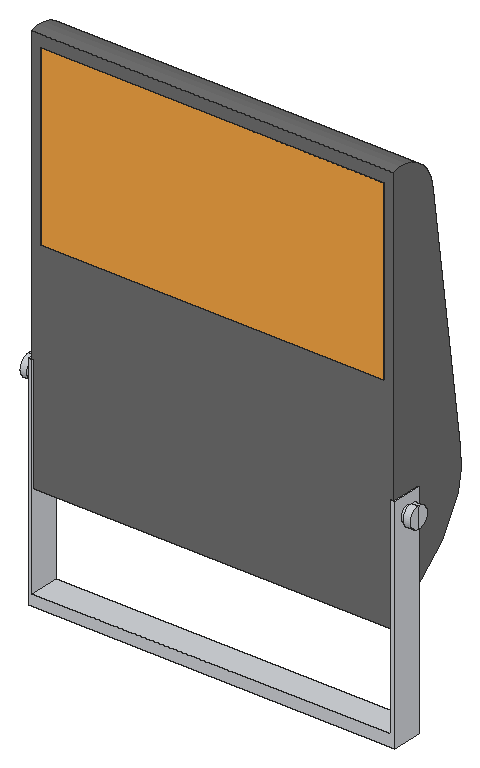
Revit family "Lighting-Proiezione-GEWISS-ELIA-FL-LED_PROIETTORI", category Apparecchi per illuminazione, host Superficie, Revit 2019
Family settings
  Host = Superficie
  Quota connettore circolare = Usa diametro
  Tipo di parte = Normale
  Taglio con vuoti quando caricato = No
  Sorgente d'illuminazione = Sì
  Condiviso = No
  Punto di calcolo locali = Sì
Parameters (values of type "GWF1101VH840 - ELIA FL XL2 60° 40K S.ALONE DALI CRI80")
  larghezza lampada = Lugnezza massima - 24 mm  # 309 mm
  corpo centrale = corpo centrale
  Wattage = 9.2903 W
  Visibilità etichetta [instance] = yes
  Visibilità simbolo [instance] = yes
  Visibilità lampada in pianta [instance] = yes
  Versione file RFA = "20.0"
  Variazione temperatura colore lampada con luminosità attenuata = (empty or 0)
  URL = "https://www.gewiss.com/it/it"
  UGR: = ""
  Tipologia sorgente luminosa = "LED - Non sostituibile"
  Tipologia = "Plafone - Parete - Terra"
  Tipo lampada = "LED"
  Tipo alimentatore = ""
  Tensione = "220-240 V "
  Temperatura di utilizzo = "-30° +50°"
  Temperatura di funzionamento = "-30° +50°"
  Temperatura di colore: = "4000K"
  Temperatura di colore = "4000K"
  built-in parameter 1150107 = 3200 (stored number, unit not read)
  Spostamento_x_effettivo [instance] = 4000 mm - Spostamento_x  # 4000 mm
  Spostamento_x [instance] = 0 mm
  Spostamento_y_effettivo [instance] = 4000 mm - Spostamento_y  # 3300 mm
  Spostamento_y [instance] = 700 mm
  Scheda Tecnica = "https://www.gewiss.com/it/it/search?q=GWF1101VH840"
  SEO = "Plafone - Parete - Terra"
  SCHERMO LED = SCHERMO LED
  Resistenza agli urti = "IK08"
  ROTAZIONE 90° [instance] = yes
  ROTAZIONE 45 [instance] = no
  ROTAZIONE 180 [instance] = no
  ROTAZIONE [instance] = 45
  Potenza di sistema = "200W"
  Peso (kg): = "6,3"
  Peso (kg) = "6,3"
  built-in parameter 1150110 = 1 (stored number, unit not read)
  built-in parameter 1150109 = 1 (stored number, unit not read)
  built-in parameter 1114218 = 1 (stored number, unit not read)
  built-in parameter 1150112 = 1 (stored number, unit not read)
  POSIZIONE = 80000  # constant formula
  Ottica = "60°"
  built-in parameter 1150142 = (empty or 0)
  built-in parameter 1150137 = (empty or 0)
  built-in parameter 1150132 = (empty or 0)
  Lumen output (lm) = "27100"
  Lugnezza massima = 333 mm
  Lampada: = "LED"
  LED Life time (L80B50) = "L80 B50 (Tq25°) = 50.000h"
  built-in parameter 1150105 = 109.82 (stored number, unit not read)
  built-in parameter 1150102 = (empty or 0)
  Installazione = "Plafone - Parete - Terra"
  built-in parameter 1150106 = 1.0982 (stored number, unit not read)
  Default Elevation = 1219.2 mm
  Produttore = "GEWISS S.p.A."
  Nome quadro [instance] = "330W"
  Model = "GWF1101VH840"
  Immagine tipo = ELIA_FL.jpg
  IDT = "08d4067e-aa8b-4311-88ca-8e9b92cfb5d6"
  IDF = "c1b66872-777a-4214-8e58-a532fd38d80c"
  Grado di protezione = "IP66"
  Garanzia = "5 anni"
  Flusso luminoso in emergenza (lm) = ""
  Lumens = 1380 lm
  Color Filter = 16777215
  File diagramma fotometrico = "generic"
  built-in parameter 1114217 = 1 (stored number, unit not read)
  built-in parameter 1150139 = (empty or 0)
  Emit from Line Length = 609.6 mm
  built-in parameter 1150104 = 13.8 (stored number, unit not read)
  Distanza dal host [instance] = 0 mm
  built-in parameter 1150115 = 1 (stored number, unit not read)
  built-in parameter 1150114 = 1 (stored number, unit not read)
  built-in parameter 1150113 = 1 (stored number, unit not read)
  Dimensioni (mm) = "Standard"
  Description = "ELIA FL XL2 60° 40K S.ALONE DALI CRI80"
  Creato da GEWISS S.p.A. = ""
  built-in parameter 1150134 = 3
  built-in parameter 1150138 = (empty or 0)
  Colore = "Nero"
  Codice Electrocod = ""
  Codice EAN = ""
  Classe isolamento = "I"
  Classe di efficienza LED integrati = ""
  Catalogo Serie = "ELIA FL"
  Catalogo = "LIGHTING"
  COBie.Tagnumber = ""
  COBie.CreatedOn = ""
  COBie.CreatebBy = ""
  COBie.ComponentRegisterItemID = ""
  COBie.Component.TagNumber = ""
  COBie.Component.Space = ""
  COBie.Component.SerialNumber = ""
  COBie.Component.InstallationDate = ""
  COBie.Component.Description = ""
  COBie.Component.BarCode = ""
  BORDO = BORDO
  Applicazione = "Interno / Esterno"
  Tilt Angle = 60.00°
  built-in parameter 1150133 = 10 (stored number, unit not read)
Types (21, lengths in mm): name | Variazione temperatura colore lampada con luminosità attenuata | Tensione | Scheda Tecnica | Potenza di sistema | Peso (kg): | Peso (kg) | Ottica | built-in parameter 1150142 | Lumen output (lm) | Model | IDT | File diagramma fotometrico | Description
  GWF1101QF840 - ELIA FL L2 30° 40K S.ALONE DALI CRI80 | (empty or 0) | "220-240 V " | "https://www.gewiss.com/it/it/search?q=GWF1101QF840" | "150W" | "4,5" | "4,5" | "30°" | (empty or 0) | "19900" | "GWF1101QF840" | "367e2f34-7e4c-4817-9a39-466d26065c96" | "generic" | "ELIA FL L2 30° 40K S.ALONE DALI CRI80"
  GWF1100QF840 - ELIA FL L2 30° 40K S.ALONE ON/OFF CRI80 | (empty or 0) | "100-240 V " | "https://www.gewiss.com/it/it/search?q=GWF1100QF840" | "150W" | "4,5" | "4,5" | "30°" | (empty or 0) | "19900" | "GWF1100QF840" | "d267a62e-1b8e-4435-86cd-51657c60921d" | "generic" | "ELIA FL L2 30° 40K S.ALONE ON/OFF CRI80"
  GWF1101QH840 - ELIA FL L2 60° 40K S.ALONE DALI CRI80 | (empty or 0) | "220-240 V " | "https://www.gewiss.com/it/it/search?q=GWF1101QH840" | "150W" | "4,5" | "4,5" | "60°" | (empty or 0) | "20400" | "GWF1101QH840" | "f5c45042-fc2a-404f-9454-9960ac2dadf8" | "generic" | "ELIA FL L2 60° 40K S.ALONE DALI CRI80"
  GWF1100QH840 - ELIA FL L2 60° 40K S.ALONE ON/OFF CRI80 | (empty or 0) | "100-240 V " | "https://www.gewiss.com/it/it/search?q=GWF1100QH840" | "150W" | "4,5" | "4,5" | "60°" | (empty or 0) | "20400" | "GWF1100QH840" | "736a9896-0f9f-407e-aa43-3249926a8169" | "generic" | "ELIA FL L2 60° 40K S.ALONE ON/OFF CRI80"
  GWF1101QC840 - ELIA FL L2 AS 40K S.ALONE DALI CRI80 | <Nessuno> | "220-240 V " | "https://www.gewiss.com/it/it/search?q=GWF1101QC840" | "150W" | "4,5" | "4,5" | "Asimmetrica" | (empty or 0) | "19600" | "GWF1101QC840" | "4dff8ad4-19cf-4301-b258-840ff07e9c6c" | "generic" | "ELIA FL L2 AS 40K S.ALONE DALI CRI80"
  GWF1100QC840 - ELIA FL L2 AS 40K S.ALONE ON/OFF CRI80 | <Nessuno> | "100-240 V " | "https://www.gewiss.com/it/it/search?q=GWF1100QC840" | "150W" | "4,5" | "4,5" | "Asimmetrica" | (empty or 0) | "19600" | "GWF1100QC840" | "8453b747-ab64-462d-95c5-5f5a6b816301" | "generic" | "ELIA FL L2 AS 40K S.ALONE ON/OFF CRI80"
  GWF1101MF840 - ELIA FL M2 30° 40K S.ALONE DALI CRI80 | (empty or 0) | "220-240 V " | "https://www.gewiss.com/it/it/search?q=GWF1101MF840" | "100W" | "3,9" | "3,9" | "30°" | (empty or 0) | "13400" | "GWF1101MF840" | "fe9dc423-a435-4442-97b4-d584315ac301" | "generic" | "ELIA FL M2 30° 40K S.ALONE DALI CRI80"
  GWF1100MF840 - ELIA FL M2 30° 40K S.ALONE ON/OFFCRI80 | (empty or 0) | "100-240 V " | "https://www.gewiss.com/it/it/search?q=GWF1100MF840" | "100W" | "3,9" | "3,9" | "30°" | (empty or 0) | "13400" | "GWF1100MF840" | "7a9137ef-ea08-4c6c-ad39-45b1af0a12e7" | "generic" | "ELIA FL M2 30° 40K S.ALONE ON/OFFCRI80"
  GWF1101MH840 - ELIA FL M2 60° 40K S.ALONE DALI CRI80 | (empty or 0) | "220-240 V " | "https://www.gewiss.com/it/it/search?q=GWF1101MH840" | "100W" | "3,9" | "3,9" | "60°" | (empty or 0) | "13400" | "GWF1101MH840" | "f38e1005-16fa-4907-8d91-49da337aeaa2" | "generic" | "ELIA FL M2 60° 40K S.ALONE DALI CRI80"
  GWF1100MH840 - ELIA FL M2 60° 40K S.ALONE ON/OFF CRI80 | (empty or 0) | "100-240 V " | "https://www.gewiss.com/it/it/search?q=GWF1100MH840" | "100W" | "3,9" | "3,9" | "60°" | (empty or 0) | "13400" | "GWF1100MH840" | "f0014ff8-233d-45b7-a930-9b30d38dd0bc" | "generic" | "ELIA FL M2 60° 40K S.ALONE ON/OFF CRI80"
  GWF1101MC840 - ELIA FL M2 AS 40K S.ALONE DALI CRI80 | <Nessuno> | "220-240 V " | "https://www.gewiss.com/it/it/search?q=GWF1101MC840" | "100W" | "3,9" | "3,9" | "Asimmetrica" | (empty or 0) | "13000" | "GWF1101MC840" | "d91a0c63-ae14-4639-ad6b-f02e7c364fec" | "generic" | "ELIA FL M2 AS 40K S.ALONE DALI CRI80"
  GWF1100MC840 - ELIA FL M2 AS 40K S.ALONE ON/OFFCRI80 | <Nessuno> | "100-240 V " | "https://www.gewiss.com/it/it/search?q=GWF1100MC840" | "100W" | "3,9" | "3,9" | "Asimmetrica" | (empty or 0) | "13000" | "GWF1100MC840" | "736a89dc-2de5-4f0d-9b8c-faa0e4425d76" | "generic" | "ELIA FL M2 AS 40K S.ALONE ON/OFFCRI80"
  GWF1100GF840 - ELIA FL S2 30° 40K S.ALONE ON/OFF CRI80 | (empty or 0) | "100-240 V " | "https://www.gewiss.com/it/it/search?q=GWF1100GF840" | "50W" | "2,6" | "2,6" | "30°" | (empty or 0) | "6600" | "GWF1100GF840" | "642770cb-14ce-48c6-a5e7-d28395466468" | "generic" | "ELIA FL S2 30° 40K S.ALONE ON/OFF CRI80"
  GWF1100GH840 - ELIA FL S2 60° 40K S.ALONE ON/OFF CRI80 | (empty or 0) | "100-240 V " | "https://www.gewiss.com/it/it/search?q=GWF1100GH840" | "50W" | "2,6" | "2,6" | "60°" | (empty or 0) | "6600" | "GWF1100GH840" | "0d6f3a5d-91fb-40b6-bcf7-3fe0132917fa" | "generic" | "ELIA FL S2 60° 40K S.ALONE ON/OFF CRI80"
  GWF1100GC840 - ELIA FL S2 AS 40K S.ALONE ON/OFF CRI80 | <Nessuno> | "100-240 V " | "https://www.gewiss.com/it/it/search?q=GWF1100GC840" | "50W" | "2,6" | "2,6" | "Asimmetrica" | "IESNA:LM-63-1995\r\n[LUMINAIRE] kronz light <kronz>\r\nTILT=NONE\r\n1\r\n1257.000000\r\n1.0\r\n2\r\n1\r\n1\r\n1\r\n0 0 0\r\n1.0 1.0 100.000000\r\n0.000 180.000 \r\n0.000 \r\n100.000 100.000 \r\n" | "6600" | "GWF1100GC840" | "91c36c3d-65a0-476a-85c0-37759d84a28b" | "generic.ies" | "ELIA FL S2 AS 40K S.ALONE ON/OFF CRI80"
  GWF1101VF840 - ELIA FL XL2 30° 40K S.ALONE DALI CRI80 | (empty or 0) | "220-240 V " | "https://www.gewiss.com/it/it/search?q=GWF1101VF840" | "200W" | "6,3" | "6,3" | "30°" | (empty or 0) | "26600" | "GWF1101VF840" | "4404ac7d-f898-4bd8-b400-6c8713d21df9" | "generic" | "ELIA FL XL2 30° 40K S.ALONE DALI CRI80"
  GWF1100VF840 - ELIA FL XL2 30° 40K S.ALONE ON/OFF CRI80 | (empty or 0) | "100-240 V " | "https://www.gewiss.com/it/it/search?q=GWF1100VF840" | "200W" | "6,3" | "6,3" | "30°" | (empty or 0) | "26600" | "GWF1100VF840" | "83ec5c55-1f8f-4d97-b5b8-6a661a005f86" | "generic" | "ELIA FL XL2 30° 40K S.ALONE ON/OFF CRI80"
  GWF1101VH840 - ELIA FL XL2 60° 40K S.ALONE DALI CRI80 | (empty or 0) | "220-240 V " | "https://www.gewiss.com/it/it/search?q=GWF1101VH840" | "200W" | "6,3" | "6,3" | "60°" | (empty or 0) | "27100" | "GWF1101VH840" | "08d4067e-aa8b-4311-88ca-8e9b92cfb5d6" | "generic" | "ELIA FL XL2 60° 40K S.ALONE DALI CRI80"
  GWF1100VH840 - ELIA FL XL2 60° 40K S.ALONE ON/OFF CRI80 | (empty or 0) | "100-240 V " | "https://www.gewiss.com/it/it/search?q=GWF1100VH840" | "200W" | "6,3" | "6,3" | "60°" | (empty or 0) | "27100" | "GWF1100VH840" | "7e89fb8a-4393-4570-9a10-d013bbe7f011" | "generic" | "ELIA FL XL2 60° 40K S.ALONE ON/OFF CRI80"
  GWF1101VC840 - ELIA FL XL2 AS 40K S.ALONE DALI CRI80 | <Nessuno> | "220-240 V " | "https://www.gewiss.com/it/it/search?q=GWF1101VC840" | "200W" | "6,3" | "6,3" | "Asimmetrica" | (empty or 0) | "26000" | "GWF1101VC840" | "47ddd9c0-11b9-4947-bdc6-7290dd762a16" | "generic" | "ELIA FL XL2 AS 40K S.ALONE DALI CRI80"
  GWF1100VC840 - ELIA FL XL2 AS 40K S.ALONE ON/OFF CRI80 | <Nessuno> | "100-240 V " | "https://www.gewiss.com/it/it/search?q=GWF1100VC840" | "200W" | "6,3" | "6,3" | "Asimmetrica" | (empty or 0) | "26000" | "GWF1100VC840" | "bafdcd8b-a7af-4b04-8dc2-ac79d390151f" | "generic" | "ELIA FL XL2 AS 40K S.ALONE ON/OFF CRI80"
Reference planes
  plane 1 "Centro (Fronte/Retro)": y = 0
  plane 2: z = 0
  plane 3 "Centro (Sinistra/Destra)": x = 0
  plane 4: x = -4000
  plane 5: x = 0
  plane 6: x = 0
  plane 7: z = 1200
  plane 8: y = -4000
  plane 9: y = -700
  plane 10: x = -484.286
  plane 11: y = -410.182
  plane 12: x = 484.286
  plane 13: y = 410.182
  plane 14: z = -80
  plane 15 "a": through (0, -290.182, 34.975) normal (0, -0.7071, 0.7071)
  plane 16: x = -166.5
  plane 17: x = 166.5
  plane 18: through (-235.047, -128.222, 1219.2) normal (-0.9563, 0.2924, 0)
  plane 19: through (-40, -89.462, 1219.2) normal (0.1564, 0.9877, 0)
  plane 20: through (239.503, 190.64, 1219.2) normal (0.9563, -0.2924, 0)
Lines and regions (mm)
  reference lines
    curve 1: line (-365.742, 0, 34.975) -> (143.375, 0, 544.092)
    curve 2: line (-206.5, 0, 174.371) -> (213.5, 0, 174.371)
    curve 3: line (0, 243.036, 174.371) -> (0, -271.964, 174.371)
Dimensions and locks
  plane 4 to plane 3 "Centro (Sinistra/Destra)" = 4000 mm  (x2)
  "Spostamento_x_effettivo": plane 4 to plane 5
  "Spostamento_x_effettivo": plane 6 to plane 4
  plane 7 to plane 2 = 1200 mm
  "Spostamento_y_effettivo": plane 9 to plane 8
  plane 1 "Centro (Fronte/Retro)" to plane 8 = 4000 mm
  equal spacing: plane 10, plane 3 "Centro (Sinistra/Destra)", plane 12
  equal spacing: plane 13, plane 1 "Centro (Fronte/Retro)", plane 11
  locked: level to plane 14 at 80
  plane 10 to plane 12 = 968.572 mm
  plane 13 to plane 11 = 820.364 mm
  equal spacing: plane 17, imposter light, plane 16
  "Lugnezza massima": plane 17 to plane 16
  angle host face to curve 1 = 45.00°
  angle plane 19 to plane 20 = 82.00°  (x2)
  angle plane 18 to plane 19 = 98.00°
  aligned and locked: plane 2 to host face
  aligned and locked: level to host face
  aligned and locked: plane 6 to nested 1
  aligned and locked: nested 1 to plane 9
  aligned and locked: plane 6 to nested 2
  aligned and locked: imposter light to nested 2
  aligned and locked: imposter light to nested 4
Automatic sketch dimensions
  host sketch curve to host sketch curve = 2438.4 mm  (x2)
  level to curve 1 = 34.975 mm
  plane 10 to curve 1 = 118.544 mm
  curve 2 to plane 3 "Centro (Sinistra/Destra)" = 206.5 mm
  plane 3 "Centro (Sinistra/Destra)" to curve 2 = 213.5 mm
  level to curve 2 = 174.371 mm
  plane 11 to curve 3 = 138.218 mm
  level to curve 3 = 174.371 mm
  curve 3 to plane 13 = 167.146 mm
Nested families
  nested 1: "Etichetta light" at (0, -700, 0), visible <- "Visibilità etichetta", type "Etichetta light"
  nested 2: "base_ELIA FL" at (0, 168.505, 277.908) x (1, 0, 0) z (0, -1, 0), visible <- "ROTAZIONE 90°", type "base_ELIA FL"
    with Larghezza_lampada 309 mm
  nested 3: "base_staffa_ELIA FL" at (0, 0, 0), type "base_staffa_ELIA FL"
  nested 4: "aaabase_ELIA FL" at (0, 103.538, 3.902), visible <- "ROTAZIONE 180", type "aaabase_ELIA FL"
    with Larghezza_lampada 309 mm
  nested 5: "aaabase_ELIA FL" at (0, 193.752, 127.043) x (1, 0, 0) z (0, -0.7071, 0.7071), visible <- "ROTAZIONE 45", type "aaabase_ELIA FL"
    with Larghezza_lampada 309 mm
Definition of nested family "base_ELIA FL"
  Parameters (values of type "base_ELIA FL")
    scocca = none
    led = none
    Spessore = 78 mm
    Default Elevation = 1219.2 mm
    Larghezza_lampada = 295 mm
    Altezza scocca = 188 mm
    Altezza lente = 162 mm
  Reference planes
    plane 1 "Centro (Fronte/Retro)": y = 0
    plane 2: z = 0
    plane 3 "Centro (Sinistra/Destra)": x = 0
    plane 4: x = -147.5
    plane 5: y = -193
    plane 6: x = 147.5
    plane 7: y = 170
    plane 8: x = -139.5
    plane 9: y = 162
    plane 10: y = -188
    plane 11: x = 139.5
    plane 12: z = 102.469
    plane 13: z = 180.469
    plane 14: y = 150.884
    plane 15: z = 153.363
    plane 16: z = 174.172
    plane 17 "az": y = -103.538
  Forms (mm)
    Extrusion 1, solid, material <- "scocca"
      sketch origin (0, 0, 0) x (1, 0, 0) y (0, 1, 0)
        loop
          line (-147.5, 170) -> (-147.5, -193) -> (147.5, -193) -> (147.5, 170) -> (-147.5, 170)
      from 102.469 to 180.469
    Extrusion 2, void
      sketch origin (0, 0, 0) x (0, 1, 0) y (0, 0, 1)
        loop
          arc (161.482, 180.469) -> (155.647, 151.842) -> (129.481, 138.847) r 33.282
          line (129.481, 138.847) -> (-78.476, 109.621)
          arc (-78.476, 109.621) -> (-96.196, 108.957) -> (-113.682, 111.905) r 86.896
          line (-113.682, 111.905) -> (-143.225, 128.962) -> (-188, 180.469) -> (-193, 180.469) -> (-193, 102.469) -> (170, 102.469) -> (170, 180.469) -> (161.482, 180.469)
      from -147.5 to 147.5
    Extrusion 3, void
      sketch origin (0, 0, 0) x (1, 0, 0) y (0, 1, 0)
        loop
          line (-139.5, 150.884) -> (-139.5, 0) -> (139.5, 0) -> (139.5, 150.884) -> (-139.5, 150.884)
      from 153.363 to 180.469
    Extrusion 4, solid, material <- "led"
      sketch origin (0, 0, 0) x (1, 0, 0) y (0, 1, 0)
        loop
          line (-139.5, 150.884) -> (-139.5, 0) -> (139.5, 0) -> (139.5, 150.884) -> (-139.5, 150.884)
      from 174.172 to 180.469
  Cuts and joins
    Extrusion 2, Extrusion 3 cuts Extrusion 1
  Lines and regions (mm)
    symbolic lines
      curve 1: line (-204.237, -103.538, 0) -> (190.763, -103.538, 0)
      curve 2: line (0, -86.263, 164.172) -> (0, -126.263, 164.172)
  Dimensions and locks
    locked: plane 7 to plane 9 at 8
    locked: plane 4 to plane 8 at 8
    locked: plane 10 to plane 5 at 5
    locked: plane 11 to plane 6 at 8
    equal spacing: plane 4, plane 3 "Centro (Sinistra/Destra)", plane 6
    "Altezza lente": plane 1 "Centro (Fronte/Retro)" to plane 9
    "Altezza scocca": plane 10 to plane 1 "Centro (Fronte/Retro)"
    "Larghezza_lampada": plane 4 to plane 6
    plane 1 "Centro (Fronte/Retro)" to plane 7 = 170 mm
    "Spessore": plane 13 to plane 12
    locked: plane 9 to plane 14 at 11.116
    locked: plane 13 to plane 15 at 27.106
    locked: plane 15 to plane 16 at 20.809
    locked: plane 17 "az" to plane 5 at 89.462
    radius of Extrusion 2 sketch curve = 33.282 mm
    aligned and locked: level to plane 2
    aligned and locked: Extrusion 1 sketch curve to plane 7
    aligned and locked: Extrusion 1 sketch curve to plane 6
    aligned and locked: Extrusion 1 sketch curve to plane 5
    aligned and locked: Extrusion 1 sketch curve to plane 4
    aligned and locked: Extrusion 1 to plane 12
    aligned and locked: plane 13 to Extrusion 1
    aligned and locked: Extrusion 2 sketch curve to plane 13  (x2)
    aligned and locked: Extrusion 2 sketch curve to plane 5
    aligned and locked: Extrusion 2 sketch curve to plane 7
    aligned and locked: Extrusion 2 sketch curve to plane 12
    aligned and locked: Extrusion 2 to plane 4
    aligned and locked: Extrusion 2 to plane 6
    aligned and locked: Extrusion 3 sketch curve to plane 8
    aligned and locked: Extrusion 3 sketch curve to plane 14
    aligned and locked: Extrusion 3 sketch curve to plane 11
    aligned and locked: Extrusion 3 sketch curve to plane 1 "Centro (Fronte/Retro)"
    aligned and locked: plane 15 to Extrusion 3
    aligned and locked: plane 13 to Extrusion 3
    aligned and locked: Extrusion 4 sketch curve to plane 8
    aligned and locked: Extrusion 4 sketch curve to plane 14
    aligned and locked: Extrusion 4 sketch curve to plane 11
    aligned and locked: Extrusion 4 sketch curve to plane 1 "Centro (Fronte/Retro)"
    aligned and locked: plane 13 to Extrusion 4
    aligned and locked: plane 16 to Extrusion 4
    aligned and locked: curve 1 to plane 17 "az"
  Automatic sketch dimensions
    Extrusion 2 sketch curve to plane 9 = 0.518 mm
    Extrusion 2 sketch curve to plane 13 = 8.341 mm
    Extrusion 2 sketch curve to plane 9 = 32.519 mm
    plane 12 to Extrusion 2 sketch curve = 26.493 mm
    plane 12 to Extrusion 2 sketch curve = 9.436 mm
    Extrusion 2 sketch curve to Extrusion 2 sketch curve = 29.543 mm
    plane 12 to Extrusion 2 sketch curve = 7.151 mm
    Extrusion 2 sketch curve to Extrusion 2 sketch curve = 35.206 mm
    Extrusion 2 sketch curve to Extrusion 2 sketch curve = 15.202 mm
    plane 10 to Extrusion 2 sketch curve = 44.775 mm
    Extrusion 2 sketch curve to plane 10 = 0 mm
    curve 1 to plane 4 = 56.737 mm
    curve 1 to plane 6 = 43.263 mm
    plane 16 to curve 2 = 10 mm
    curve 2 to plane 17 "az" = 22.726 mm
    plane 17 "az" to curve 2 = 17.274 mm
Definition of nested family "base_staffa_ELIA FL"
  Parameters (values of type "base_staffa_ELIA FL")
    sp_staffa = 25.613 mm
    larghezza staffa = 333 mm
    h_pomello = 174.371 mm
  Reference planes
    plane 1 "Centro (Fronte/Retro)": y = 0
    plane 2: z = 0
    plane 3 "Centro (Sinistra/Destra)": x = 0
    plane 4: x = -153.123
    plane 5: x = -156.123
    plane 6: x = 156.4
    plane 7: x = 153.396
    plane 8: x = -166.5
    plane 9: x = 166.5
    plane 10: y = 183.552
    plane 11: y = 12.806
    plane 12: z = 174.371
    plane 13: z = 9.756
    plane 14: y = -12.806
    plane 15: x = -160.669
    plane 16: z = 188.64
    plane 17: x = 160.669
  Forms (mm)
    Extrusion 1, solid
      sketch origin (0, 0, 0) x (1, 0, 0) y (0, 0, 1)
        loop
          line (-153.123, 188.64) -> (-156.123, 188.64) -> (-156.123, 0) -> (156.4, 0) -> (156.4, 188.64) -> (153.396, 188.64) -> (153.396, 9.756) -> (-153.123, 9.756) -> (-153.123, 188.64)
      from -12.806 to 12.806
    Revolve 2, solid
      sketch origin (0, 0, 0) x (1, 0, 0) y (0, 0, 1)
        loop
          line (-166.5, 174.371) -> (-160.669, 174.371) -> (-160.669, 183.178) -> (-166.5, 183.178) -> (-166.5, 174.371)
        axis (-160.669, 174.371) -> (-166.5, 174.371)
      angle from 0 to 360
    Revolve 3, solid
      sketch origin (0, 0, 0) x (1, 0, 0) y (0, 0, 1)
        loop
          line (-156.123, 174.371) -> (-156.123, 180.96) -> (-160.669, 180.96) -> (-160.669, 174.371) -> (-156.123, 174.371)
        axis (-156.123, 174.371) -> (-160.669, 174.371)
      angle from 0 to 360
    Revolve 4, solid
      sketch origin (0, 0, 0) x (-1, 0, 0) y (0, 0, 1)
        loop
          line (-166.5, 174.371) -> (-160.669, 174.371) -> (-160.669, 183.178) -> (-166.5, 183.178) -> (-166.5, 174.371)
        axis (-160.669, 174.371) -> (-166.5, 174.371)
      angle from 0 to 360
    Revolve 5, solid
      sketch origin (0, 0, 0) x (-1, 0, 0) y (0, 0, 1)
        loop
          line (-156.4, 174.371) -> (-156.4, 180.96) -> (-160.669, 180.96) -> (-160.669, 174.371) -> (-156.4, 174.371)
        axis (-156.4, 174.371) -> (-160.669, 174.371)
      angle from 0 to 360
  Lines and regions (mm)
    symbolic lines
      curve 1: line (-206.5, 0, 174.371) -> (213.5, 0, 174.371)
  Dimensions and locks
    locked: plane 5 to plane 4 at 3
    locked: plane 7 to plane 6 at 3.004
    locked: plane 8 to plane 5 at 10.377
    locked: plane 6 to plane 9 at 10.1
    equal spacing: plane 8, plane 3 "Centro (Sinistra/Destra)", plane 9
    "larghezza staffa": plane 8 to plane 9
    "h_pomello": plane 12 to level
    equal spacing: plane 11, plane 1 "Centro (Fronte/Retro)", plane 14
    "sp_staffa": plane 11 to plane 14
    locked: plane 13 to level at 9.756
    locked: plane 15 to plane 8 at 5.831
    locked: plane 16 to plane 12 at 14.269
    locked: plane 17 to plane 9 at 5.831
    aligned and locked: level to plane 2
    aligned and locked: Extrusion 1 sketch curve to plane 4
    aligned and locked: Extrusion 1 sketch curve to plane 5
    aligned and locked: Extrusion 1 sketch curve to level
    aligned and locked: Extrusion 1 sketch curve to plane 13
    aligned and locked: Extrusion 1 sketch curve to plane 7
    aligned and locked: Extrusion 1 sketch curve to plane 6
    aligned and locked: plane 11 to Extrusion 1
    aligned and locked: Extrusion 1 to plane 14
    aligned and locked: Revolve 2 sketch curve to plane 12
    aligned and locked: Revolve 2 sketch curve to plane 8
    aligned and locked: plane 15 to Revolve 2 sketch curve
    aligned and locked: Revolve 3 sketch curve to plane 15
    aligned and locked: Revolve 3 sketch curve to plane 12
    aligned and locked: Extrusion 1 sketch curve to plane 16
    aligned and locked: plane 16 to Extrusion 1 sketch curve
    aligned and locked: Revolve 3 to plane 5
    aligned and locked: Revolve 5 to plane 6
    aligned and locked: Revolve 4 to plane 17
    aligned and locked: plane 17 to Revolve 5
    aligned and locked: Revolve 4 to plane 9
    aligned and locked: curve 1 to plane 12
  Automatic sketch dimensions
    Revolve 2 sketch curve to plane 12 = 0 mm
    Revolve 2 sketch curve to plane 15 = 0 mm
    Revolve 2 sketch curve to plane 16 = 5.461 mm
    Revolve 2 sketch curve to plane 8 = 3.724 mm
    Revolve 3 sketch curve to plane 12 = 0 mm
    Revolve 3 sketch curve to plane 5 = 0 mm
    Revolve 3 sketch curve to Revolve 3 sketch curve = 6.589 mm
    plane 8 to Revolve 3 sketch curve = 1.744 mm
    Revolve 3 sketch curve to Revolve 3 sketch curve = 1.813 mm
    Revolve 4 sketch curve to plane 12 = 0 mm  (x2)
    Revolve 4 sketch curve to plane 9 = 0 mm
    plane 17 to Revolve 4 sketch curve = 0 mm  (x2)
    plane 16 to Revolve 4 sketch curve = 5.461 mm
    Revolve 4 sketch curve to plane 9 = 3.724 mm
    Revolve 5 sketch curve to plane 12 = 0 mm  (x2)
    plane 17 to Revolve 5 sketch curve = 0 mm
    plane 6 to Revolve 5 sketch curve = 0 mm
    Revolve 5 sketch curve to Revolve 5 sketch curve = 6.589 mm
    plane 9 to Revolve 5 sketch curve = 1.744 mm
    Revolve 5 sketch curve to plane 6 = 1.536 mm
    curve 1 to plane 8 = 40 mm
    plane 9 to curve 1 = 47 mm
Definition of nested family "aaabase_ELIA FL"
  Parameters (values of type "aaabase_ELIA FL")
    scocca = none
    led = none
    Spessore = 78 mm
    Default Elevation = 1219.2 mm
    Larghezza_lampada = 295 mm
    Altezza scocca = 188 mm
    Altezza lente = 162 mm
  Reference planes
    plane 1 "Centro (Fronte/Retro)": y = 0
    plane 2: z = 0
    plane 3 "Centro (Sinistra/Destra)": x = 0
    plane 4: x = -147.5
    plane 5: y = -193
    plane 6: x = 147.5
    plane 7: y = 170
    plane 8: x = -139.5
    plane 9: y = 162
    plane 10: y = -188
    plane 11: x = 139.5
    plane 12: z = 102.469
    plane 13: z = 180.469
    plane 14: y = 150.884
    plane 15: z = 153.363
    plane 16: z = 174.172
    plane 17: y = -103.538
  Forms (mm)
    Extrusion 1, solid, material <- "scocca"
      sketch origin (0, 0, 0) x (1, 0, 0) y (0, 1, 0)
        loop
          line (-147.5, 170) -> (-147.5, -193) -> (147.5, -193) -> (147.5, 170) -> (-147.5, 170)
      from 102.469 to 180.469
    Extrusion 2, void
      sketch origin (0, 0, 0) x (0, 1, 0) y (0, 0, 1)
        loop
          arc (161.482, 180.469) -> (155.647, 151.842) -> (129.481, 138.847) r 33.282
          line (129.481, 138.847) -> (-78.476, 109.621)
          arc (-78.476, 109.621) -> (-96.196, 108.957) -> (-113.682, 111.905) r 86.896
          line (-113.682, 111.905) -> (-143.225, 128.962) -> (-188, 180.469) -> (-193, 180.469) -> (-193, 102.469) -> (170, 102.469) -> (170, 180.469) -> (161.482, 180.469)
      from -147.5 to 147.5
    Extrusion 3, void
      sketch origin (0, 0, 0) x (1, 0, 0) y (0, 1, 0)
        loop
          line (-139.5, 150.884) -> (-139.5, 0) -> (139.5, 0) -> (139.5, 150.884) -> (-139.5, 150.884)
      from 153.363 to 180.469
    Extrusion 4, solid, material <- "led"
      sketch origin (0, 0, 0) x (1, 0, 0) y (0, 1, 0)
        loop
          line (-139.5, 150.884) -> (-139.5, 0) -> (139.5, 0) -> (139.5, 150.884) -> (-139.5, 150.884)
      from 174.172 to 180.469
  Cuts and joins
    Extrusion 2, Extrusion 3 cuts Extrusion 1
  Lines and regions (mm)
    symbolic lines
      curve 1: line (-204.237, -103.538, 0) -> (190.763, -103.538, 0)
    model lines
      curve 2: line (0, -103.538, 180.469) -> (0, -103.538, 160.469)
      curve 3: line (0, -98.538, 170.469) -> (0, -113.538, 170.469)
  Dimensions and locks
    locked: plane 7 to plane 9 at 8
    locked: plane 4 to plane 8 at 8
    locked: plane 10 to plane 5 at 5
    locked: plane 11 to plane 6 at 8
    equal spacing: plane 4, plane 3 "Centro (Sinistra/Destra)", plane 6
    "Altezza lente": plane 1 "Centro (Fronte/Retro)" to plane 9
    "Altezza scocca": plane 10 to plane 1 "Centro (Fronte/Retro)"
    "Larghezza_lampada": plane 4 to plane 6
    plane 1 "Centro (Fronte/Retro)" to plane 7 = 170 mm
    "Spessore": plane 13 to plane 12
    locked: plane 9 to plane 14 at 11.116
    locked: plane 13 to plane 15 at 27.106
    locked: plane 15 to plane 16 at 20.809
    locked: plane 17 to plane 5 at 89.462
    radius of Extrusion 2 sketch curve = 33.282 mm
    aligned and locked: level to plane 2
    aligned and locked: Extrusion 1 sketch curve to plane 7
    aligned and locked: Extrusion 1 sketch curve to plane 6
    aligned and locked: Extrusion 1 sketch curve to plane 5
    aligned and locked: Extrusion 1 sketch curve to plane 4
    aligned and locked: Extrusion 1 to plane 12
    aligned and locked: plane 13 to Extrusion 1
    aligned and locked: Extrusion 2 sketch curve to plane 13  (x2)
    aligned and locked: Extrusion 2 sketch curve to plane 5
    aligned and locked: Extrusion 2 sketch curve to plane 7
    aligned and locked: Extrusion 2 sketch curve to plane 12
    aligned and locked: Extrusion 2 to plane 4
    aligned and locked: Extrusion 2 to plane 6
    aligned and locked: Extrusion 3 sketch curve to plane 8
    aligned and locked: Extrusion 3 sketch curve to plane 14
    aligned and locked: Extrusion 3 sketch curve to plane 11
    aligned and locked: Extrusion 3 sketch curve to plane 1 "Centro (Fronte/Retro)"
    aligned and locked: plane 15 to Extrusion 3
    aligned and locked: plane 13 to Extrusion 3
    aligned and locked: Extrusion 4 sketch curve to plane 8
    aligned and locked: Extrusion 4 sketch curve to plane 14
    aligned and locked: Extrusion 4 sketch curve to plane 11
    aligned and locked: Extrusion 4 sketch curve to plane 1 "Centro (Fronte/Retro)"
    aligned and locked: plane 13 to Extrusion 4
    aligned and locked: plane 16 to Extrusion 4
    aligned and locked: curve 1 to plane 17
  Automatic sketch dimensions
    Extrusion 2 sketch curve to plane 9 = 0.518 mm
    Extrusion 2 sketch curve to plane 13 = 8.341 mm
    Extrusion 2 sketch curve to plane 9 = 32.519 mm
    plane 12 to Extrusion 2 sketch curve = 26.493 mm
    plane 12 to Extrusion 2 sketch curve = 9.436 mm
    Extrusion 2 sketch curve to Extrusion 2 sketch curve = 29.543 mm
    plane 12 to Extrusion 2 sketch curve = 7.151 mm
    Extrusion 2 sketch curve to Extrusion 2 sketch curve = 35.206 mm
    Extrusion 2 sketch curve to Extrusion 2 sketch curve = 15.202 mm
    plane 10 to Extrusion 2 sketch curve = 44.775 mm
    Extrusion 2 sketch curve to plane 10 = 0 mm
    curve 1 to plane 4 = 56.737 mm
    curve 1 to plane 6 = 43.263 mm
    curve 2 to plane 17 = 0 mm
    curve 2 to plane 13 = 0 mm
    plane 16 to curve 3 = 3.703 mm
    curve 3 to plane 17 = 10 mm
    plane 17 to curve 3 = 5 mm
    curve 2 to plane 15 = 7.106 mm
Definition of nested family "Etichetta light"
  Parameters (values of type "ETICHETTA LIGHT")
    COMMENTI = "330W"
  Reference planes
    plane 1: y = 0
    plane 2: x = 0
  Text (mm)
    label "COMMENTI" at (-0.057, 0.105, 0), shows "COMMENTI"
